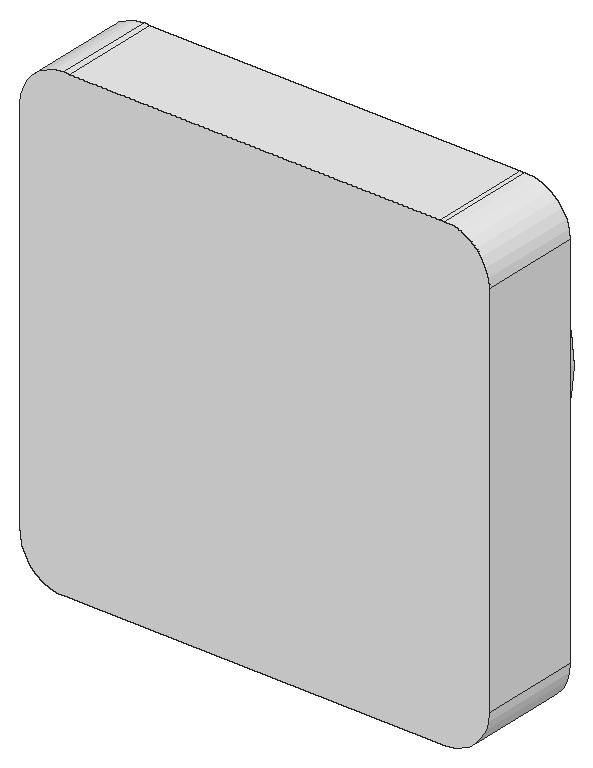
Revit family "Platek_Blend Applique 360", category Apparecchi per illuminazione, Revit 2017
Family settings
  Quota connettore circolare = Usa diametro
  Tipo di parte = Normale
  Basato su piano di lavoro = No
  Sempre verticale = Sì
  Taglio con vuoti quando caricato = No
  Sorgente d'illuminazione = Sì
  Condiviso = No
  Punto di calcolo locali = No
Parameters (values of type "1610616_13,5W_LED_3000K")
  Wattage = 7.13603 W
  Part of body = PLK_Part of body
  Variazione temperatura colore lampada con luminosità attenuata = <Nessuno>
  URL = "www.platek.eu"
  built-in parameter 1150107 = 3000 (stored number, unit not read)
  Supply Voltage Min = 220 V
  Supply Voltage Max = 240 V
  Supply Voltage = 230 V
  Produttore = "PLATEK SRL"  # constant formula
  Product Page URL = "http://www.platek.eu/ita/catalogo.php?catseaname=blend"
  Product Documentation Link = "http://www.platek.eu/ita/catalogo.php?catseaname=blend"
  Product Dimension = "L160mm x L160mm x 71,5mm"
  Power Supply Unit = "Included"
  built-in parameter 1150110 = 1 (stored number, unit not read)
  built-in parameter 1150109 = 1 (stored number, unit not read)
  built-in parameter 1114218 = 1 (stored number, unit not read)
  built-in parameter 1150112 = 1 (stored number, unit not read)
  PLATEK Article Code = "1610616"
  Nota chiave = "Other LED colors available on request"
  Mounting Type = "Wall"
  Modello = "Blend 360 Applique"  # constant formula
  built-in parameter 1150137 = (empty or 0)
  built-in parameter 1150132 = 2
  Manufacturer Comment = ""
  Luminaire Wattage = 13.5 W
  Luminaire Luminous Intensity = 301 cd
  Luminaire Luminous Flux = 1060 lm
  Light Source = PLK_Light Source
  Lampada = "LED"
  LED Protection = "Surge protection included"
  built-in parameter 1150105 = 298.67 (stored number, unit not read)
  built-in parameter 1150102 = (empty or 0)
  Insulation Class = "1"
  Immagine tipo = blend_applique_360.jpg
  built-in parameter 1150106 = 2.9867 (stored number, unit not read)
  IP Rating = "IP65"
  IK Rating = "IK05"
  Frequency = "50/60 Hz"
  Lumens = 1060 lm
  Color Filter = 16777215
  File diagramma fotometrico = "1610616.IES"
  built-in parameter 1114217 = 1 (stored number, unit not read)
  built-in parameter 1150139 = (empty or 0)
  Energy Efficiency Rating = "A/A+/A++"
  built-in parameter 1150104 = 13.8 (stored number, unit not read)
  built-in parameter 1150115 = 1 (stored number, unit not read)
  built-in parameter 1150114 = 1 (stored number, unit not read)
  built-in parameter 1150113 = 1 (stored number, unit not read)
  Dimmable = "On request"
  Diffuse Type = "PMMA"
  Descrizione = "Outdoor Lighting, Wall mounted"
  Commenti sul tipo = "Facades, Wall"
  Colour Temperature = 3000 K
  built-in parameter 1150134 = (empty or 0)
  built-in parameter 1150138 = (empty or 0)
  Codice assieme = "1610616.02(White); 1610616.06(Grey); 1610616.01(Black); 1610616.08(Anthracite); 1610616.01(Black); 1610616.07(Corten); 1610616.09(Bronze)"
  Apparent Load = 0 VA
  Cable Lenght = ""
  CRI = ">80"
  Body = PLK_06_Grey
  Tilt Angle = 90.00°
  built-in parameter 1150133 = 10 (stored number, unit not read)
Reference planes
  plane 1 "Centro (Fronte/Retro)": y = 0
  plane 2: z = 0
  plane 3 "Centro (Sinistra/Destra)": x = 0
  plane 4: y = -37.393
  plane 5: y = -3.429
  plane 6: y = -12
  plane 7: y = -0.391
  plane 8: z = 79.96
  plane 9: y = -71.465
  plane 10: y = -23.609
  plane 11: y = -12
  plane 12: x = -79.85
  plane 13: x = 79.85
  plane 14: z = 159.92
Forms (mm)
  Extrusion 1, solid, material "PLK_06_Grey" <- "Body", detail levels fine
    sketch origin (0, 0, 0) x (1, 0, 0) y (0, 0, 1)
      loop
        line (-62.966, 159.92) -> (-64.891, 159.92)
        arc (-64.891, 159.92) -> (-75.469, 155.539) -> (-79.85, 144.962) r 14.958
        line (-79.85, 144.962) -> (-79.85, 16.427)
        arc (-79.85, 16.427) -> (-75.535, 4.659) -> (-63.798, 0.262) r 15.017
        line (-63.798, 0.262) -> (-62.966, 0.262) -> (64.784, 0.262)
        arc (64.784, 0.262) -> (75.46, 4.684) -> (79.882, 15.36) r 15.097
        line (79.882, 15.36) -> (79.882, 144.715)
        arc (79.882, 144.715) -> (75.428, 155.467) -> (64.676, 159.92) r 15.206
        line (64.676, 159.92) -> (62.966, 159.92) -> (-62.966, 159.92)
    from 37.393 to 71.465
  Revolve 2, solid, material "PLK_Light Source" <- "Light Source", detail levels medium+fine
    sketch origin (0, 0, 0) x (0, 1, 0) y (0, 0, 1)
      loop
        line (-37.393, 142.039) -> (-37.393, 79.96) -> (-23.609, 79.96) -> (-23.609, 135.016) -> (-37.393, 142.039)
      axis (-37.393, 79.96) -> (-23.609, 79.96)
    angle from 0 to 360
  Revolve 3, solid, material "PLK_06_Grey" <- "Body", detail levels medium+fine
    sketch origin (0, 0, 0) x (0, 1, 0) y (0, 0, 1)
      loop
        line (-23.609, 134.07) -> (-23.609, 79.96) -> (-12, 79.96) -> (-12, 128.465) -> (-12.5, 129.443)
        arc (-12.5, 129.443) -> (-12.865, 129.993) -> (-13.344, 130.447) r 2.927
        arc (-13.344, 130.447) -> (-13.823, 130.74) -> (-14.348, 130.937) r 2.927
        line (-14.348, 130.937) -> (-16.469, 131.505) -> (-21.728, 134.07) -> (-23.609, 134.07)
      axis (-23.609, 79.96) -> (-12, 79.96)
    angle from 0 to 360
  Revolve 4, solid, material "PLK_06_Grey" <- "Body", detail levels medium+fine
    sketch origin (0, 0, 0) x (0, 1, 0) y (0, 0, 1)
      loop
        line (0, 131.135) -> (-12, 131.135) -> (-12, 79.96) -> (0, 79.96) -> (0, 131.135)
      axis (-12, 79.96) -> (0, 79.96)
    angle from 0 to 360
  Extrusion 5, solid, material "PLK_06_Grey" <- "Body", detail levels medium
    sketch origin (0, 0, 0) x (1, 0, 0) y (0, 0, 1)
      loop
        line (-79.85, 159.92) -> (-79.85, 0) -> (79.85, 0) -> (79.85, 159.92) -> (-79.85, 159.92)
    from 37.393 to 71.465
  Extrusion 6, solid, material "PLK_06_Grey" <- "Body", detail levels coarse
    sketch origin (0, 0, 0) x (1, 0, 0) y (0, 0, 1)
      loop
        line (-79.85, 159.92) -> (-79.85, 0) -> (79.85, 0) -> (79.85, 159.92) -> (-79.85, 159.92)
    from 0 to 71.465
Dimensions and locks
  Revolve 2 sketch curve to Revolve 2 sketch curve = 171.944 mm
  Revolve 3 sketch curve to Revolve 3 sketch curve = 118.195 mm
  equal spacing: plane 12, plane 3 "Centro (Sinistra/Destra)", plane 13, locked at 79.85 each
  equal spacing: plane 14, plane 8, level, locked at 79.96 each
  plane 9 to plane 4 to plane 10 to plane 11 to plane 5 to plane 7 to plane 1 "Centro (Fronte/Retro)" = 34.071 mm, 13.784 mm locked, 11.609 mm locked, 8.571 mm locked, 3.038 mm locked, 0.391 mm locked
  locked: plane 12 to plane 13 at 159.699
  locked: level to plane 14 at 159.92
  aligned and locked: level to plane 2
  aligned and locked: Revolve 2 sketch curve to Revolve 2 sketch curve
  aligned and locked: Revolve 4 sketch curve to plane 8
  aligned and locked: plane 4 to Extrusion 1
  aligned and locked: Extrusion 1 to plane 9
  aligned and locked: Revolve 2 to plane 4
  aligned and locked: plane 10 to Revolve 2
  aligned and locked: Revolve 3 to plane 11
  aligned and locked: plane 10 to Revolve 3
  aligned and locked: plane 1 "Centro (Fronte/Retro)" to Revolve 4
  aligned and locked: Revolve 4 to plane 11
  aligned and locked: imposter light to plane 1 "Centro (Fronte/Retro)"
  aligned and locked: imposter light to plane 8
  aligned and locked: plane 12 to Extrusion 1
  aligned and locked: Extrusion 5 sketch curve to plane 14
  aligned and locked: Extrusion 5 sketch curve to plane 12
  aligned and locked: plane 2 to Extrusion 5 sketch curve
  aligned and locked: plane 13 to Extrusion 5 sketch curve
  aligned and locked: plane 4 to Extrusion 5
  aligned and locked: Extrusion 5 to plane 9
  aligned and locked: Extrusion 6 sketch curve to Extrusion 5  (x4)
  aligned and locked: Extrusion 6 to plane 9
  aligned and locked: Extrusion 6 to plane 1 "Centro (Fronte/Retro)"
  aligned and locked: plane 14 to Extrusion 1
Automatic sketch dimensions
  plane 12 to Extrusion 1 sketch curve = 0.000 mm
  level to Extrusion 1 sketch curve = 0.262 mm
  level to Extrusion 1 sketch curve = 15.240 mm
  Extrusion 1 sketch curve to Extrusion 1 sketch curve = 14.970 mm
  Extrusion 1 sketch curve to plane 12 = 14.958 mm
  Extrusion 1 sketch curve to Extrusion 1 sketch curve = 1.082 mm
  Extrusion 1 sketch curve to Extrusion 1 sketch curve = 1.926 mm
  Extrusion 1 sketch curve to Extrusion 1 sketch curve = 0.832 mm
  plane 13 to Extrusion 1 sketch curve = 16.884 mm
  Extrusion 1 sketch curve to Extrusion 1 sketch curve = 1.710 mm
  plane 13 to Extrusion 1 sketch curve = 15.066 mm
  Extrusion 1 sketch curve to plane 13 = 0.032 mm
  plane 8 to Extrusion 1 sketch curve = 64.754 mm
  Revolve 2 sketch curve to plane 8 = 0.000 mm
  Revolve 2 sketch curve to plane 4 = 0.000 mm
  Revolve 2 sketch curve to plane 10 = 0.000 mm
  plane 8 to Revolve 2 sketch curve = 55.056 mm
  Revolve 2 sketch curve to Revolve 2 sketch curve = 7.023 mm
  Revolve 2 sketch curve to plane 9 = 16.036 mm
  Revolve 3 sketch curve to Revolve 3 sketch curve = 0.000 mm  (x2)
  Revolve 3 sketch curve to plane 8 = 0.000 mm  (x2)
  Revolve 3 sketch curve to plane 10 = 0.000 mm
  Revolve 3 sketch curve to plane 6 = 0.000 mm
  Revolve 3 sketch curve to Revolve 3 sketch curve = 1.881 mm
  Revolve 3 sketch curve to plane 6 = 4.469 mm
  Revolve 3 sketch curve to plane 6 = 3.106 mm
  Revolve 3 sketch curve to Revolve 3 sketch curve = 2.121 mm
  Revolve 3 sketch curve to plane 6 = 0.500 mm
  plane 8 to Revolve 3 sketch curve = 48.149 mm
  Revolve 3 sketch curve to Revolve 3 sketch curve = 0.356 mm
  Revolve 3 sketch curve to Revolve 3 sketch curve = 0.977 mm
  Revolve 3 sketch curve to Revolve 3 sketch curve = 0.568 mm
  Revolve 3 sketch curve to Revolve 3 sketch curve = 2.565 mm
  Revolve 3 sketch curve to plane 9 = 19.724 mm
  Revolve 3 sketch curve to Revolve 3 sketch curve = 1.004 mm
  Revolve 4 sketch curve to plane 6 = 0.000 mm
  Revolve 4 sketch curve to plane 1 "Centro (Fronte/Retro)" = 0.000 mm
  Revolve 4 sketch curve to plane 8 = 0.000 mm
  plane 8 to Revolve 4 sketch curve = 51.175 mm
  plane 9 to Revolve 4 sketch curve = 15.684 mm
  Revolve 4 sketch curve to plane 1 "Centro (Fronte/Retro)" = 21.114 mm
Connectors
  electrical at (0, 0, 79.96)
    settings: on Extrusion 6, index 1, voltage 0 V, apparent load 0 VA, apparent load phase1 0 VA, apparent load phase2 0 VA, apparent load phase3 0 VA, power factor 1, load classification "Altro", number of poles 1, system type 31, power factor state 1, is connector primary yes, connector utility no, sub classification motor no, connector description ""
